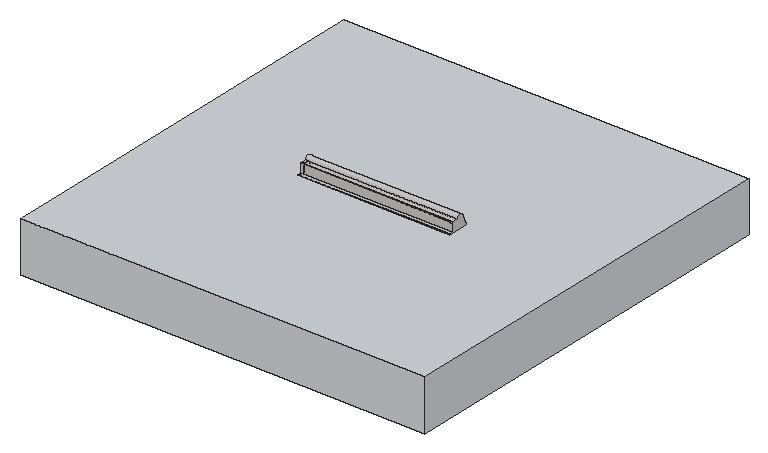
Revit family
Parameters (values of type "1110-4")
  Waste Connection = no
  WFU = 0
  Voltage = 0
  Vent Connection = no
  URL = "http://www.acorneng.com"
  Type Comments = ""
  Tempered Water Connection = no
  Revised Date = "09-19-12"
  Phone# = "626-336-4561"
  Model = "1110-4"
  Material = 304 Stainless Steel
  Manufacturer = "Acorn Engineering"
  HWFU = 0
  HW Connection = no
  Designed By = "ATS BIM Team"
  Description = "Grab Bars - Suicide Resistant"
  Default Elevation = 32.250"
  CWFU = 0
  CW Connection = no
  Assembly Code = ""
  Amperage = 0
Reference planes (in)
  plane 1 "Center (Front/Back)": y = 0
  plane 2: z = 0
  plane 3 "Center (Left/Right)": x = 0
  plane 4: y = -3.068
  plane 5: y = 1.682
  plane 6: y = -2.13
  plane 7: y = -0.755
  plane 8: z = 2.25
Forms (in)
  Extrusion 1, solid
    sketch origin (0, 0, 0) x (1, 0, 0) y (0, 1, 0)
      loop
        line (-48, 48) -> (-48, -48) -> (48, -48) -> (48, 48) -> (-48, 48)
    from 0 to -12
  Extrusion 2, solid, material "304 Stainless Steel" <- "Material"
    sketch origin (1.12083, 0, 0) x (0, 1, 0) y (0, 0, 1)
      loop
        line (1.682, 0.125) -> (0.74239, 2.25) -> (-2.005, 2.25) -> (-2.005, 0.125) -> (1.682, 0.125)
    from 16.37917 to 16.87917
  Extrusion 3, solid, material "304 Stainless Steel" <- "Material"
    sketch origin (-1.12083, 0, 0) x (0, 1, 0) y (0, 0, -1)
      loop
        line (1.682, -0.125) -> (-2.005, -0.125) -> (-2.005, -2.25) -> (0.74239, -2.25) -> (1.682, -0.125)
    from 16.37917 to 16.87917
  Extrusion 4, solid, material "304 Stainless Steel" <- "Material"
    sketch origin (-18, 0, 0) x (0, 1, 0) y (0, 0, 1)
      loop
        line (-2.005, 0.125) -> (-2.005, 2.025)
        arc (-2.005, 2.025) -> (-1.97571, 2.09571) -> (-1.905, 2.125) r 0.1
        line (-1.905, 2.125) -> (-0.75239, 2.125)
        arc (-0.75239, 2.125) -> (0.745, 2.1875) -> (-0.75239, 2.25) r 0.75
        line (-0.75239, 2.25) -> (-2.03, 2.25)
        arc (-2.03, 2.25) -> (-2.10071, 2.22071) -> (-2.13, 2.15) r 0.1
        line (-2.13, 2.15) -> (-2.13, 0.125) -> (-3.068, 0.125) -> (-3.068, 0) -> (1.682, 0) -> (1.682, 0.125) -> (-2.005, 0.125)
    from 0 to 36
Cuts and joins
  joined: Extrusion 2, Extrusion 3, Extrusion 4
Dimensions and locks (in)
  plane 4 to plane 5 = 4.750"
  plane 4 to plane 6 to plane 7 = 0.938", 1.375"
  plane 8 to plane 2 = 2.250"
  aligned and locked: plane 2 to Extrusion 1
  aligned and locked: level to Extrusion 1
